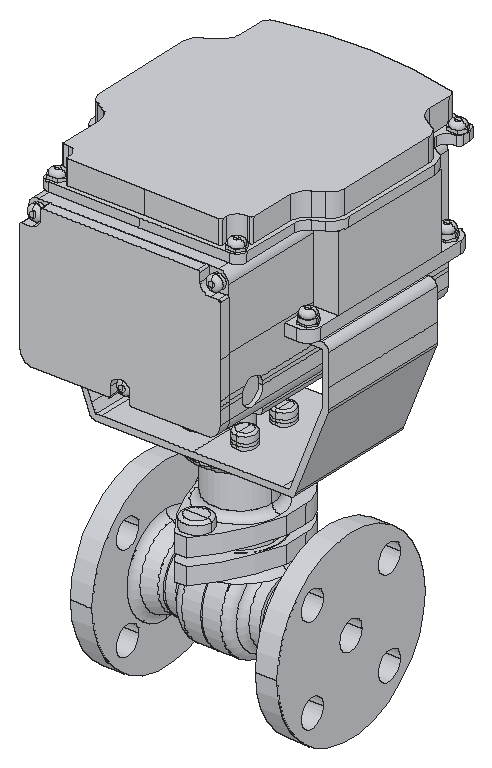
Revit family "電動二方弁_ver2019(ロゴなし)", category 電気設備, Revit 2019
Family settings
  丸型コネクタ寸法 = 直径を使用
  パーツ タイプ = 他のパネル
  OmniClass 番号 = 23.80.30.11.17
  OmniClass タイトル = Distribution Boards and Control Panels
  作業面ベース = いいえ
  常に垂直 = はい
  ロード時にボイドで切り取り = いいえ
  共有 = いいえ
  部屋計算ポイント = いいえ
Parameters
  配線φ(左側) [instance] = 14.031 mm
  配線φ(右側) [instance] = 14.031 mm
  配管φ [instance] = 95 mm
  配管2φ [instance] = 95 mm
  IfcObjectType = ""
  IfcName = ""
  IfcLongName = ""
  IfcExportType = ""
  IfcExportAs = ""
  IfcDescription = ""
Reference planes
  plane 1 "中心(正面/背面)": y = 0
  plane 2: z = 0
  plane 3 "中心(左/右)": x = 0
Forms (mm)
  Extrusion 1, solid
    sketch origin (0, 0, -77.064) x (0, 1, 0) y (0, 0, 1)
      loop
        circle (0, 124.5) r 47.5
    from 45.882 to 56.882
  Extrusion 2, void
    sketch origin (0, 0, -77) x (0, 1, 0) y (0, 0, 1)
      loop
        circle (-24.749, 149.249) r 7.5
    from 45.882 to 56.882
  Extrusion 3, void
    sketch origin (0, 49.497, -77) x (0, 1, 0) y (0, 0, 1)
      loop
        circle (-24.749, 149.249) r 7.5
    from 45.882 to 56.882
  Extrusion 4, void
    sketch origin (0, 0, -126.498) x (0, 1, 0) y (0, 0, 1)
      loop
        circle (-24.749, 149.249) r 7.5
    from 45.882 to 56.882
  Extrusion 5, void
    sketch origin (0, 49.497, -126.498) x (0, 1, 0) y (0, 0, 1)
      loop
        circle (-24.749, 149.249) r 7.5
    from 45.882 to 56.882
  Extrusion 6, void
    sketch origin (0, 24.749, -101.749) x (0, 1, 0) y (0, 0, 1)
      loop
        circle (-24.749, 149.249) r 7.5
    from 45.882 to 56.882
  Extrusion 7, solid
    sketch origin (-95, 0, -77.064) x (0, 1, 0) y (0, 0, 1)
      loop
        circle (0, 124.5) r 47.5
    from 45.882 to 56.882
  Extrusion 8, void
    sketch origin (-95, 0, -77) x (0, 1, 0) y (0, 0, 1)
      loop
        circle (-24.749, 149.249) r 7.5
    from 45.882 to 56.882
  Extrusion 9, solid
    sketch origin (0.118, 0, 0) x (1, 0, 0) y (0, 0, 1)
      loop
        line (-51.618, 196.3) -> (-51.618, 199.5) -> (-66.618, 199.5)
        arc (-66.618, 199.5) -> (-69.235, 198.416) -> (-70.318, 195.8) r 3.7
        line (-70.318, 195.8) -> (-70.318, 179.5) -> (-70.318, 169.594)
        arc (-70.318, 169.594) -> (-70.255, 168.913) -> (-70.068, 168.255) r 3.7
        line (-70.068, 168.255) -> (-53.226, 124.861)
        arc (-53.226, 124.861) -> (-51.866, 123.147) -> (-49.776, 122.5) r 3.7
        line (-49.776, 122.5) -> (49.539, 122.5)
        arc (49.539, 122.5) -> (51.629, 123.147) -> (52.989, 124.861) r 3.7
        line (52.989, 124.861) -> (69.831, 168.255)
        arc (69.831, 168.255) -> (70.018, 168.913) -> (70.082, 169.594) r 3.7
        line (70.082, 169.594) -> (70.082, 179.5) -> (70.082, 195.8)
        arc (70.082, 195.8) -> (68.998, 198.416) -> (66.382, 199.5) r 3.7
        line (66.382, 199.5) -> (51.182, 199.5) -> (51.182, 196.3) -> (66.382, 196.3)
        arc (66.382, 196.3) -> (66.735, 196.154) -> (66.882, 195.8) r 0.5
        line (66.882, 195.8) -> (66.882, 169.5) -> (64.355, 162.99) -> (49.882, 125.7) -> (46.449, 125.7) -> (-0.118, 125.7) -> (-46.686, 125.7) -> (-50.118, 125.7) -> (-51.928, 130.361) -> (-64.592, 162.99) -> (-67.118, 169.5) -> (-67.118, 195.8)
        arc (-67.118, 195.8) -> (-66.972, 196.154) -> (-66.618, 196.3) r 0.5
        line (-66.618, 196.3) -> (-51.618, 196.3)
    from -38.424 to 30.5
  Extrusion 10, solid
    sketch origin (0, -461.789, 0) x (1, 0, 0) y (0, 1, 0)
      loop
        arc (0, 545.194) -> (-22.618, 543.895) -> (-44.938, 540.014) r 197.5
        arc (-44.938, 540.014) -> (-47.717, 538.253) -> (-48.8, 535.145) r 5
        line (-48.8, 535.145) -> (-48.8, 522.279)
        arc (-48.8, 522.279) -> (-50.006, 517.779) -> (-53.3, 514.485) r 9
        line (-53.3, 514.485) -> (-58.8, 511.309)
        arc (-58.8, 511.309) -> (-61.728, 508.381) -> (-62.8, 504.381) r 8
        line (-62.8, 504.381) -> (-62.8, 450.408)
        arc (-62.8, 450.408) -> (-61.728, 446.408) -> (-58.8, 443.479) r 8
        line (-58.8, 443.479) -> (-53.3, 440.304)
        arc (-53.3, 440.304) -> (-50.006, 437.01) -> (-48.8, 432.51) r 9
        line (-48.8, 432.51) -> (-48.8, 409.394)
        arc (-48.8, 409.394) -> (-48.507, 408.687) -> (-47.8, 408.394) r 1
        line (-47.8, 408.394) -> (-46, 408.394)
        arc (-46, 408.394) -> (-41.757, 406.637) -> (-40, 402.394) r 6
        line (-40, 402.394) -> (-40, 400.594)
        arc (-40, 400.594) -> (-39.707, 399.887) -> (-39, 399.594) r 1
        line (-39, 399.594) -> (0, 399.594) -> (39, 399.594)
        arc (39, 399.594) -> (39.707, 399.887) -> (40, 400.594) r 1
        line (40, 400.594) -> (40, 402.394)
        arc (40, 402.394) -> (41.757, 406.637) -> (46, 408.394) r 6
        line (46, 408.394) -> (47.8, 408.394)
        arc (47.8, 408.394) -> (48.507, 408.687) -> (48.8, 409.394) r 1
        line (48.8, 409.394) -> (48.8, 432.51)
        arc (48.8, 432.51) -> (50.006, 437.01) -> (53.3, 440.304) r 9
        line (53.3, 440.304) -> (58.8, 443.479)
        arc (58.8, 443.479) -> (61.728, 446.408) -> (62.8, 450.408) r 8
        line (62.8, 450.408) -> (62.8, 504.381)
        arc (62.8, 504.381) -> (61.728, 508.381) -> (58.8, 511.309) r 8
        line (58.8, 511.309) -> (53.3, 514.485)
        arc (53.3, 514.485) -> (50.006, 517.779) -> (48.8, 522.279) r 9
        line (48.8, 522.279) -> (48.8, 535.145)
        arc (48.8, 535.145) -> (47.717, 538.253) -> (44.938, 540.014) r 5
        arc (44.938, 540.014) -> (22.618, 543.895) -> (0, 545.194) r 197.5
    from 248.5 to 260.5
  Extrusion 11, solid
    sketch origin (0, -461.789, 0) x (1, 0, 0) y (0, 1, 0)
      loop
        arc (0, 547.894) -> (-28.126, 545.907) -> (-55.692, 539.984) r 200
        arc (-55.692, 539.984) -> (-58.298, 538.185) -> (-59.3, 535.182) r 5
        line (-59.3, 535.182) -> (-59.3, 531.092)
        arc (-59.3, 531.092) -> (-58.732, 529.695) -> (-57.35, 529.092) r 2
        arc (-57.35, 529.092) -> (-53.205, 527.284) -> (-51.5, 523.094) r 6
        line (-51.5, 523.094) -> (-51.5, 522.106)
        arc (-51.5, 522.106) -> (-52.304, 519.106) -> (-54.5, 516.909) r 6
        line (-54.5, 516.909) -> (-60.5, 513.445)
        arc (-60.5, 513.445) -> (-64.16, 509.785) -> (-65.5, 504.785) r 10
        line (-65.5, 504.785) -> (-65.5, 450.003)
        arc (-65.5, 450.003) -> (-64.16, 445.003) -> (-60.5, 441.343) r 10
        line (-60.5, 441.343) -> (-55, 438.168)
        arc (-55, 438.168) -> (-52.438, 435.606) -> (-51.5, 432.106) r 7
        line (-51.5, 432.106) -> (-51.5, 401.894)
        arc (-51.5, 401.894) -> (-50.036, 398.359) -> (-46.5, 396.894) r 5
        line (-46.5, 396.894) -> (0, 396.894) -> (46.5, 396.894)
        arc (46.5, 396.894) -> (50.036, 398.359) -> (51.5, 401.894) r 5
        line (51.5, 401.894) -> (51.5, 432.106)
        arc (51.5, 432.106) -> (52.438, 435.606) -> (55, 438.168) r 7
        line (55, 438.168) -> (60.5, 441.343)
        arc (60.5, 441.343) -> (64.16, 445.003) -> (65.5, 450.003) r 10
        line (65.5, 450.003) -> (65.5, 504.785)
        arc (65.5, 504.785) -> (64.16, 509.785) -> (60.5, 513.445) r 10
        line (60.5, 513.445) -> (54.5, 516.909)
        arc (54.5, 516.909) -> (52.304, 519.106) -> (51.5, 522.106) r 6
        line (51.5, 522.106) -> (51.5, 523.094)
        arc (51.5, 523.094) -> (53.205, 527.284) -> (57.35, 529.092) r 6
        arc (57.35, 529.092) -> (58.732, 529.695) -> (59.3, 531.092) r 2
        line (59.3, 531.092) -> (59.3, 535.182)
        arc (59.3, 535.182) -> (58.298, 538.185) -> (55.692, 539.984) r 5
        arc (55.692, 539.984) -> (28.126, 545.907) -> (0, 547.894) r 200
    from 244 to 248.5
  Extrusion 12, solid
    sketch origin (0, -461.789, 0) x (1, 0, 0) y (0, 1, 0)
      loop
        circle (-58, 432.394) r 4.25
    from 206.5 to 208.5
  Extrusion 13, solid
    sketch origin (0, -461.789, 0) x (1, 0, 0) y (0, 1, 0)
      loop
        line (-60.454, 436.644) -> (-62.907, 432.394) -> (-60.454, 428.144) -> (-55.546, 428.144) -> (-53.093, 432.394) -> (-55.546, 436.644) -> (-58, 436.644) -> (-60.454, 436.644)
    from 205.5 to 206.5
  Revolve 14, solid, detail levels fine
    sketch origin (91.963, -59.403, 0) x (1, 0, 0) y (0, 0, 1)
      loop
        arc (-47.868, 252.7) -> (-49.481, 251.883) -> (-49.776, 250.1) r 2
        line (-49.776, 250.1) -> (-46.118, 250.1) -> (-46.118, 252.7) -> (-47.868, 252.7)
      axis (-46.118, 252.7) -> (-46.118, 250.1)
    angle from 0 to 360
  Revolve 15, solid
    sketch origin (-0.037, -59.403, 0) x (1, 0, 0) y (0, 0, 1)
      loop
        arc (-47.868, 252.7) -> (-49.481, 251.883) -> (-49.776, 250.1) r 2
        line (-49.776, 250.1) -> (-46.118, 250.1) -> (-46.118, 252.7) -> (-47.868, 252.7)
      axis (-46.118, 252.7) -> (-46.118, 250.1)
    angle from 0 to 360
  Extrusion 16, solid
    sketch origin (0.118, -20, 0) x (1, 0, 0) y (0, 0, 1)
      loop
        line (-46.13, 233.5) -> (-50.618, 233.5)
        arc (-50.618, 233.5) -> (-51.326, 233.207) -> (-51.618, 232.5) r 1
        line (-51.618, 232.5) -> (-51.618, 206.5) -> (-51.618, 187.2) -> (-51.618, 184.874) -> (-51.618, 182.778) -> (-51.618, 176)
        arc (-51.618, 176) -> (-49.568, 171.05) -> (-44.618, 169) r 7
        line (-44.618, 169) -> (-6.118, 169)
        arc (-6.118, 169) -> (-5.411, 169.293) -> (-5.118, 170) r 1
        line (-5.118, 170) -> (-5.118, 174.5)
        arc (-5.118, 174.5) -> (-3.654, 178.036) -> (-0.118, 179.5) r 5
        arc (-0.118, 179.5) -> (3.417, 178.036) -> (4.882, 174.5) r 5
        line (4.882, 174.5) -> (4.882, 170)
        arc (4.882, 170) -> (5.174, 169.293) -> (5.882, 169) r 1
        line (5.882, 169) -> (44.382, 169)
        arc (44.382, 169) -> (49.331, 171.05) -> (51.382, 176) r 7
        line (51.382, 176) -> (51.382, 182.778) -> (51.382, 184.874) -> (51.382, 187.2) -> (51.382, 206.5) -> (51.382, 232.5)
        arc (51.382, 232.5) -> (51.089, 233.207) -> (50.382, 233.5) r 1
        line (50.382, 233.5) -> (45.893, 233.5)
        arc (45.893, 233.5) -> (42.358, 234.965) -> (40.893, 238.5) r 5
        line (40.893, 238.5) -> (40.893, 243)
        arc (40.893, 243) -> (40.601, 243.707) -> (39.893, 244) r 1
        line (39.893, 244) -> (-40.13, 244)
        arc (-40.13, 244) -> (-40.838, 243.707) -> (-41.13, 243) r 1
        line (-41.13, 243) -> (-41.13, 238.5)
        arc (-41.13, 238.5) -> (-42.595, 234.965) -> (-46.13, 233.5) r 5
    from 51.5 to 57
  Extrusion 17, solid
    sketch origin (0, 0, 0) x (1, 0, 0) y (0, 0, 1)
      loop
        line (-13.607, 161) -> (-13.607, 139.5) -> (-0.118, 139.5) -> (13.607, 139.5) -> (13.607, 161) -> (-0.118, 161) -> (-13.607, 161)
    from -13.607 to 13.607
  Revolve 18, solid
    sketch origin (0, 0, 0) x (0, 1, 0) y (0, 0, 1)
      loop
        line (-6, 137.956) -> (-6.5, 137.09) -> (-6.5, 125.7) -> (0, 125.7) -> (0, 137.956) -> (-6, 137.956)
      axis (0, 137.956) -> (0, 125.7)
    angle from 0 to 360
  Revolve 19, solid
    sketch origin (-12.5, 0, 0) x (0, 1, 0) y (0, 0, 1)
      loop
        arc (-16.752, 132.9) -> (-17.541, 132.594) -> (-18.025, 131.9) r 1.452
        line (-18.025, 131.9) -> (-18.025, 128.9) -> (-12.5, 128.9) -> (-12.5, 132.9) -> (-16.752, 132.9)
      axis (-12.5, 132.9) -> (-12.5, 128.9)
    angle from 0 to 360
  Extrusion 20, solid, detail levels fine
    sketch origin (103.688, -491.798, 0) x (1, 0, 0) y (0, 1, 0)
      loop
        line (-60.731, 436.165) -> (-62.907, 432.394) -> (-60.775, 428.7) -> (-55.225, 428.7) -> (-53.093, 432.394) -> (-55.269, 436.165) -> (-58, 436.165) -> (-60.731, 436.165)
    from 248.5 to 250.1
  Extrusion 21, solid
    sketch origin (11.688, -491.798, 0) x (1, 0, 0) y (0, 1, 0)
      loop
        line (-60.731, 436.165) -> (-62.907, 432.394) -> (-60.775, 428.7) -> (-55.225, 428.7) -> (-53.093, 432.394) -> (-55.269, 436.165) -> (-58, 436.165) -> (-60.731, 436.165)
    from 248.5 to 250.1
  Extrusion 22, solid
    sketch origin (0, 0, 0) x (1, 0, 0) y (0, 0, 1)
      loop
        arc (51.382, 238.7) -> (49.829, 242.448) -> (46.082, 244) r 5.3
        line (46.082, 244) -> (-46.318, 244)
        arc (-46.318, 244) -> (-50.066, 242.448) -> (-51.618, 238.7) r 5.3
        line (-51.618, 238.7) -> (-51.618, 206.5) -> (-51.618, 187.2) -> (-51.618, 184.874) -> (-51.618, 182.778) -> (-51.618, 176)
        arc (-51.618, 176) -> (-49.568, 171.05) -> (-44.618, 169) r 7
        line (-44.618, 169) -> (-0.118, 169) -> (44.382, 169)
        arc (44.382, 169) -> (49.331, 171.05) -> (51.382, 176) r 7
        line (51.382, 176) -> (51.382, 182.778) -> (51.382, 184.874) -> (51.382, 187.2) -> (51.382, 206.5) -> (51.382, 238.7)
    from -69.008 to 71.5
  Extrusion 23, solid, detail levels medium+fine
    sketch origin (0, 0, 0) x (1, 0, 0) y (0, 0, 1)
      loop
        arc (-56.98, 162.726) -> (-58.567, 164.386) -> (-60.863, 164.437) r 3
        line (-60.863, 164.437) -> (-64.592, 162.99) -> (-51.928, 130.361) -> (-48.199, 131.809)
        arc (-48.199, 131.809) -> (-46.539, 133.395) -> (-46.487, 135.691) r 3
        line (-46.487, 135.691) -> (-56.98, 162.726)
    from -4.258 to 4.152
  Revolve 24, solid
    sketch origin (0, 0, 0) x (1, 0, 0) y (0, 0, 1)
      loop
        line (-27.754, 65.728) -> (-34.829, 68.303)
        arc (-34.829, 68.303) -> (-37.214, 70.133) -> (-38.118, 73.001) r 5
        line (-38.118, 73.001) -> (-38.118, 47.5) -> (-24.643, 47.5) -> (-24.643, 65.897)
        arc (-24.643, 65.897) -> (-26.18, 65.505) -> (-27.754, 65.728) r 4
      axis (-38.118, 47.5) -> (-24.643, 47.5)
    angle from 0 to 360
  Revolve 25, solid
    sketch origin (0, 0, 0) x (1, 0, 0) y (0, 0, 1)
      loop
        line (45.882, 47.5) -> (24.643, 47.5) -> (24.643, 30.5) -> (31.652, 30.5) -> (38.006, 30.5)
        arc (38.006, 30.5) -> (40.717, 30.126) -> (43.224, 29.03) r 10
        arc (43.224, 29.03) -> (45.166, 27.191) -> (45.882, 24.613) r 5
        line (45.882, 24.613) -> (45.882, 47.5)
      axis (24.643, 47.5) -> (45.882, 47.5)
    angle from 0 to 360
  Revolve 26, solid
    sketch origin (0, 0, 0) x (1, 0, 0) y (0, 0, 1)
      loop
        line (-24.643, 47.5) -> (-24.643, 29.5) -> (-18.893, 29.5)
        arc (-18.893, 29.5) -> (-16.399, 28.627) -> (-14.994, 26.389) r 4
        arc (-14.994, 26.389) -> (-13.237, 23.591) -> (-10.118, 22.5) r 5
        line (-10.118, 22.5) -> (0, 22.5) -> (0, 47.5) -> (-24.643, 47.5)
      axis (0, 47.5) -> (-24.643, 47.5)
    angle from 0 to 360
  Revolve 27, solid
    sketch origin (0, 0, 0) x (-1, 0, 0) y (0, 0, 1)
      loop
        line (-24.643, 47.5) -> (-24.643, 29.5) -> (-18.893, 29.5)
        arc (-18.893, 29.5) -> (-16.399, 28.627) -> (-14.994, 26.389) r 4
        arc (-14.994, 26.389) -> (-13.237, 23.591) -> (-10.118, 22.5) r 5
        line (-10.118, 22.5) -> (0, 22.5) -> (0, 47.5) -> (-24.643, 47.5)
      axis (0, 47.5) -> (-24.643, 47.5)
    angle from 0 to 360
  Revolve 28, solid
    sketch origin (-12.5, 0, 0) x (0, 1, 0) y (0, 0, 1)
      loop
        line (-18.025, 128.9) -> (-18.025, 127.3) -> (-18.025, 125.7) -> (-12.5, 125.7) -> (-12.5, 128.9) -> (-18.025, 128.9)
      axis (-12.5, 128.9) -> (-12.5, 125.7)
    angle from 0 to 360
  Revolve 29, solid
    sketch origin (-12.5, 25, 0) x (0, 1, 0) y (0, 0, 1)
      loop
        arc (-16.752, 132.9) -> (-17.541, 132.594) -> (-18.025, 131.9) r 1.452
        line (-18.025, 131.9) -> (-18.025, 128.9) -> (-12.5, 128.9) -> (-12.5, 132.9) -> (-16.752, 132.9)
      axis (-12.5, 132.9) -> (-12.5, 128.9)
    angle from 0 to 360
  Revolve 30, solid
    sketch origin (-12.5, 25, 0) x (0, 1, 0) y (0, 0, 1)
      loop
        line (-18.025, 128.9) -> (-18.025, 127.3) -> (-18.025, 125.7) -> (-12.5, 125.7) -> (-12.5, 128.9) -> (-18.025, 128.9)
      axis (-12.5, 128.9) -> (-12.5, 125.7)
    angle from 0 to 360
  Revolve 31, solid
    sketch origin (12.5, 0, 0) x (0, 1, 0) y (0, 0, 1)
      loop
        arc (-16.752, 132.9) -> (-17.541, 132.594) -> (-18.025, 131.9) r 1.452
        line (-18.025, 131.9) -> (-18.025, 128.9) -> (-12.5, 128.9) -> (-12.5, 132.9) -> (-16.752, 132.9)
      axis (-12.5, 132.9) -> (-12.5, 128.9)
    angle from 0 to 360
  Revolve 32, solid
    sketch origin (12.5, 0, 0) x (0, 1, 0) y (0, 0, 1)
      loop
        line (-18.025, 128.9) -> (-18.025, 127.3) -> (-18.025, 125.7) -> (-12.5, 125.7) -> (-12.5, 128.9) -> (-18.025, 128.9)
      axis (-12.5, 128.9) -> (-12.5, 125.7)
    angle from 0 to 360
  Revolve 33, solid
    sketch origin (12.5, 25, 0) x (0, 1, 0) y (0, 0, 1)
      loop
        arc (-16.752, 132.9) -> (-17.541, 132.594) -> (-18.025, 131.9) r 1.452
        line (-18.025, 131.9) -> (-18.025, 128.9) -> (-12.5, 128.9) -> (-12.5, 132.9) -> (-16.752, 132.9)
      axis (-12.5, 132.9) -> (-12.5, 128.9)
    angle from 0 to 360
  Revolve 34, solid
    sketch origin (12.5, 25, 0) x (0, 1, 0) y (0, 0, 1)
      loop
        line (-18.025, 128.9) -> (-18.025, 127.3) -> (-18.025, 125.7) -> (-12.5, 125.7) -> (-12.5, 128.9) -> (-18.025, 128.9)
      axis (-12.5, 128.9) -> (-12.5, 125.7)
    angle from 0 to 360
  Revolve 35, solid
    sketch origin (0, 0, 0) x (1, 0, 0) y (0, 0, 1)
      loop
        line (-4.75, 139.5) -> (-4.75, 137.956) -> (0, 137.956) -> (0, 139.5) -> (-4.75, 139.5)
      axis (0, 139.5) -> (0, 137.956)
    angle from 0 to 360
  Revolve 36, solid
    sketch origin (0, 0, 0) x (1, 0, 0) y (0, 0, 1)
      loop
        line (0, 77) -> (-20, 77) -> (-20, 73.103)
        arc (-20, 73.103) -> (-21.527, 68.402) -> (-25.524, 65.495) r 8
        line (-25.524, 65.495) -> (-18.847, 65.495)
        arc (-18.847, 65.495) -> (-16.351, 66.373) -> (-14.953, 68.62) r 3.988
        arc (-14.953, 68.62) -> (-13.31, 71.404) -> (-10.268, 72.5) r 4.769
        line (-10.268, 72.5) -> (0, 72.5) -> (0, 77)
      axis (0, 77) -> (0, 65.495)
    angle from 0 to 360
  Extrusion 37, solid
    sketch origin (0, 0, 0) x (1, 0, 0) y (0, 0, 1)
      loop
        line (-47, 169.152) -> (-47, 167.5)
        arc (-47, 167.5) -> (-46.121, 165.379) -> (-44, 164.5) r 3
        line (-44, 164.5) -> (44, 164.5)
        arc (44, 164.5) -> (46.121, 165.379) -> (47, 167.5) r 3
        line (47, 167.5) -> (47, 169.462)
        arc (47, 169.462) -> (45.784, 169.119) -> (44.525, 169) r 7
        line (44.525, 169) -> (-42.442, 169)
        arc (-42.442, 169) -> (-44.734, 168.695) -> (-47, 169.152) r 7
    from -44 to 44
  Revolve 38, solid
    sketch origin (0, -28, 0) x (1, 0, 0) y (0, 0, 1)
      loop
        line (0, 95.717) -> (-5.688, 95.717)
        arc (-5.688, 95.717) -> (-6.779, 95.427) -> (-7.583, 94.633) r 2.201
        line (-7.583, 94.633) -> (-7.583, 90.3) -> (0, 90.3) -> (0, 95.717)
      axis (0, 95.717) -> (0, 90.3)
    angle from 0 to 360
  Revolve 39, solid
    sketch origin (0, 0, 0) x (1, 0, 0) y (0, 0, 1)
      loop
        arc (-18.5, 115.3) -> (-17.086, 114.714) -> (-16.5, 113.3) r 2
        line (-16.5, 113.3) -> (-16.5, 94.3)
        arc (-16.5, 94.3) -> (-17.672, 91.472) -> (-20.5, 90.3) r 4
        line (-20.5, 90.3) -> (0, 90.3) -> (0, 115.3) -> (-18.5, 115.3)
      axis (0, 90.3) -> (0, 115.3)
    angle from 0 to 360
  Revolve 40, solid, detail levels fine
    sketch origin (0, 0, 0) x (1, 0, 0) y (0, 0, 1)
      loop
        line (-4, 81.3) -> (-4, 77) -> (0, 77) -> (0, 81.3) -> (-4, 81.3)
      axis (0, 77) -> (0, 81.3)
    angle from 0 to 360
  Extrusion 41, solid
    sketch origin (0, -461.789, 210) x (1, 0, 0) y (0, 1, 0)
      loop
        line (65, 432.394) -> (65, 522.394)
        arc (65, 522.394) -> (63.715, 526.436) -> (60.333, 528.994) r 7
        arc (60.333, 528.994) -> (59.578, 529.473) -> (59.107, 530.234) r 2
        arc (59.107, 530.234) -> (58.39, 529.415) -> (57.35, 529.092) r 2
        arc (57.35, 529.092) -> (53.205, 527.284) -> (51.5, 523.094) r 6
        line (51.5, 523.094) -> (51.5, 425.394) -> (58, 425.394)
        arc (58, 425.394) -> (62.95, 427.445) -> (65, 432.394) r 7
    from -10.5 to -4.5
  Extrusion 42, solid
    sketch origin (0, -461.789, 210) x (-1, 0, 0) y (0, -1, 0)
      loop
        arc (65, -432.394) -> (62.95, -427.445) -> (58, -425.394) r 7
        line (58, -425.394) -> (51.5, -425.394) -> (51.5, -523.094)
        arc (51.5, -523.094) -> (53.205, -527.284) -> (57.35, -529.092) r 6
        arc (57.35, -529.092) -> (58.39, -529.415) -> (59.107, -530.234) r 2
        arc (59.107, -530.234) -> (59.578, -529.473) -> (60.333, -528.994) r 2
        arc (60.333, -528.994) -> (63.715, -526.436) -> (65, -522.394) r 7
        line (65, -522.394) -> (65, -432.394)
    from -10.5 to -4.5
  Extrusion 43, solid, detail levels medium+fine
    sketch origin (0, 0, 0) x (-1, 0, 0) y (0, 0, -1)
      loop
        line (-56.98, -162.726) -> (-46.487, -135.691)
        arc (-46.487, -135.691) -> (-46.539, -133.395) -> (-48.199, -131.809) r 3
        line (-48.199, -131.809) -> (-51.928, -130.361) -> (-64.592, -162.99) -> (-60.863, -164.437)
        arc (-60.863, -164.437) -> (-58.567, -164.386) -> (-56.98, -162.726) r 3
    from -4.258 to 4.152
  Extrusion 44, solid
    sketch origin (0, 0, 0) x (1, 0, 0) y (0, 0, 1)
      loop
        line (-28.5, 161) -> (28.5, 161) -> (28.5, 161.788) -> (-28.5, 161.788) -> (-28.5, 161)
    from -28.5 to 28.511
  Revolve 45, solid
    sketch origin (0, -30, 0) x (1, 0, 0) y (0, 0, 1)
      loop
        line (-60.5, 199.5) -> (-60.5, 197.236) -> (-58.25, 197.236) -> (-58.25, 199.5) -> (-60.5, 199.5)
      axis (-58.25, 199.5) -> (-58.25, 197.236)
    angle from 0 to 360
  Revolve 46, solid
    sketch origin (0, 60, 0) x (1, 0, 0) y (0, 0, 1)
      loop
        line (-60.5, 199.5) -> (-60.5, 197.236) -> (-58.25, 197.236) -> (-58.25, 199.5) -> (-60.5, 199.5)
      axis (-58.25, 199.5) -> (-58.25, 197.236)
    angle from 0 to 360
  Revolve 47, solid
    sketch origin (116.875, -30, 0) x (1, 0, 0) y (0, 0, 1)
      loop
        line (-60.5, 199.5) -> (-60.5, 197.236) -> (-58.25, 197.236) -> (-58.25, 199.5) -> (-60.5, 199.5)
      axis (-58.25, 199.5) -> (-58.25, 197.236)
    angle from 0 to 360
  Revolve 48, solid
    sketch origin (116.875, 60, 0) x (1, 0, 0) y (0, 0, 1)
      loop
        line (-60.5, 199.5) -> (-60.5, 197.236) -> (-58.25, 197.236) -> (-58.25, 199.5) -> (-60.5, 199.5)
      axis (-58.25, 199.5) -> (-58.25, 197.236)
    angle from 0 to 360
  Extrusion 49, solid
    sketch origin (-364.746, -162.773, 80.3) x (1, 0, 0) y (0, 1, 0)
      loop
        arc (341.746, 163.987) -> (349.545, 143.272) -> (361.7, 124.773) r 100.225
        line (361.7, 124.773) -> (367.792, 124.773)
        arc (367.792, 124.773) -> (379.948, 143.272) -> (387.746, 163.987) r 100.225
        line (387.746, 163.987) -> (387.746, 176.305)
        arc (387.746, 176.305) -> (383.257, 189.309) -> (371.7, 196.773) r 21.077
        line (371.7, 196.773) -> (357.792, 196.773)
        arc (357.792, 196.773) -> (346.236, 189.309) -> (341.746, 176.305) r 21.077
        line (341.746, 176.305) -> (341.746, 163.987)
    from 1 to 10
  Revolve 50, solid
    sketch origin (0, 0, 0) x (1, 0, 0) y (0, 0, 1)
      loop
        line (-25, 122.5) -> (-25, 117.3)
        arc (-25, 117.3) -> (-24.414, 115.886) -> (-23, 115.3) r 2
        line (-23, 115.3) -> (0, 115.3) -> (0, 122.5) -> (-25, 122.5)
      axis (0, 115.3) -> (0, 122.5)
    angle from 0 to 360
  Extrusion 51, solid
    sketch origin (-364.746, -162.773, 67) x (1, 0, 0) y (0, 1, 0)
      loop
        arc (341.746, 163.987) -> (349.545, 143.272) -> (361.7, 124.773) r 100.225
        line (361.7, 124.773) -> (367.792, 124.773)
        arc (367.792, 124.773) -> (379.948, 143.272) -> (387.746, 163.987) r 100.225
        line (387.746, 163.987) -> (387.746, 176.305)
        arc (387.746, 176.305) -> (383.257, 189.309) -> (371.7, 196.773) r 21.077
        line (371.7, 196.773) -> (357.792, 196.773)
        arc (357.792, 196.773) -> (346.236, 189.309) -> (341.746, 176.305) r 21.077
        line (341.746, 176.305) -> (341.746, 163.987)
    from 1 to 10
  Revolve 52, solid, detail levels medium+fine
    sketch origin (-13.227, 0, 0) x (1, 0, 0) y (0, 0, 1)
      loop
        line (-4.273, 81.3) -> (-4.273, 77) -> (13.227, 77) -> (13.227, 81.3) -> (-4.273, 81.3)
      axis (13.227, 77) -> (13.227, 81.3)
    angle from 0 to 360
  Extrusion 53, void
    sketch origin (-95, 49.497, -77) x (0, 1, 0) y (0, 0, 1)
      loop
        circle (-24.749, 149.249) r 7.5
    from 45.882 to 56.882
  Extrusion 54, void
    sketch origin (-95, 49.497, -126.498) x (0, 1, 0) y (0, 0, 1)
      loop
        circle (-24.749, 149.249) r 7.5
    from 45.882 to 56.882
  Extrusion 55, void
    sketch origin (0, 0, -126.498) x (0, 1, 0) y (0, 0, 1)
      loop
        circle (-24.749, 149.249) r 7.5
    from 45.882 to 56.882
  Extrusion 56, void
    sketch origin (-95, 0, -126.498) x (0, 1, 0) y (0, 0, 1)
      loop
        circle (-24.749, 149.249) r 7.5
    from 45.882 to 56.882
  Extrusion 57, void
    sketch origin (-95, 24.749, -101.749) x (0, 1, 0) y (0, 0, 1)
      loop
        circle (-24.749, 149.249) r 7.5
    from 45.882 to 56.882
  Revolve 58, solid
    sketch origin (-46.056, 5.5, 0) x (0, 1, 0) y (0, 0, 1)
      loop
        arc (-78.6, 242.158) -> (-80.383, 241.863) -> (-81.2, 240.25) r 2
        line (-81.2, 240.25) -> (-81.2, 238.5) -> (-78.6, 238.5) -> (-78.6, 242.158)
      axis (-78.6, 238.5) -> (-81.2, 238.5)
    angle from 0 to 360
  Revolve 59, solid
    sketch origin (-46.014, 5.5, 0) x (0, 1, 0) y (0, 0, 1)
      loop
        line (-78.6, 242.25) -> (-78.6, 238.5) -> (-77, 238.5) -> (-77, 242.25) -> (-78.6, 242.25)
      axis (-78.6, 238.5) -> (-77, 238.5)
    angle from 0 to 360
  Revolve 60, solid
    sketch origin (45.944, 5.5, 0) x (0, 1, 0) y (0, 0, 1)
      loop
        arc (-78.6, 242.158) -> (-80.383, 241.863) -> (-81.2, 240.25) r 2
        line (-81.2, 240.25) -> (-81.2, 238.5) -> (-78.6, 238.5) -> (-78.6, 242.158)
      axis (-78.6, 238.5) -> (-81.2, 238.5)
    angle from 0 to 360
  Revolve 61, solid
    sketch origin (45.986, 5.5, 0) x (0, 1, 0) y (0, 0, 1)
      loop
        line (-78.6, 242.25) -> (-78.6, 238.5) -> (-77, 238.5) -> (-77, 242.25) -> (-78.6, 242.25)
      axis (-78.6, 238.5) -> (-77, 238.5)
    angle from 0 to 360
  Revolve 62, solid
    sketch origin (-0.056, 5.5, -64) x (0, 1, 0) y (0, 0, 1)
      loop
        arc (-78.6, 242.158) -> (-80.383, 241.863) -> (-81.2, 240.25) r 2
        line (-81.2, 240.25) -> (-81.2, 238.5) -> (-78.6, 238.5) -> (-78.6, 242.158)
      axis (-78.6, 238.5) -> (-81.2, 238.5)
    angle from 0 to 360
  Revolve 63, solid
    sketch origin (-0.014, 5.5, -64) x (0, 1, 0) y (0, 0, 1)
      loop
        line (-78.6, 242.25) -> (-78.6, 238.5) -> (-77, 238.5) -> (-77, 242.25) -> (-78.6, 242.25)
      axis (-78.6, 238.5) -> (-77, 238.5)
    angle from 0 to 360
  Extrusion 64, solid
    sketch origin (0, 0, 0) x (1, 0, 0) y (0, 0, 1)
      loop
        line (-65, 244) -> (-65, 205.5) -> (-51.618, 205.5) -> (-51.618, 238.7)
        arc (-51.618, 238.7) -> (-50.066, 242.448) -> (-46.318, 244) r 5.3
        line (-46.318, 244) -> (-65, 244)
    from -47.676 to 17.676
  Extrusion 65, solid
    sketch origin (0, 0, 0) x (-1, 0, 0) y (0, 0, -1)
      loop
        line (-65, -244) -> (-46.318, -244)
        arc (-46.318, -244) -> (-50.066, -242.448) -> (-51.618, -238.7) r 5.3
        line (-51.618, -238.7) -> (-51.618, -205.5) -> (-65, -205.5) -> (-65, -244)
    from -47.676 to 17.676
  Revolve 66, solid
    sketch origin (-11.91, -29.395, -41.6) x (1, 0, 0) y (0, 0, 1)
      loop
        arc (-47.868, 253.422) -> (-49.691, 252.245) -> (-49.37, 250.1) r 2
        line (-49.37, 250.1) -> (-46.118, 250.1) -> (-46.118, 253.422) -> (-47.868, 253.422)
      axis (-46.118, 253.422) -> (-46.118, 250.1)
    angle from 0 to 360
  Extrusion 67, solid
    sketch origin (0, -372.414, 0) x (1, 0, 0) y (0, 1, 0)
      loop
        circle (-58, 432.394) r 4.25
    from 206.5 to 208.5
  Extrusion 68, solid
    sketch origin (0, -372.414, 0) x (1, 0, 0) y (0, 1, 0)
      loop
        line (-60.454, 436.644) -> (-62.907, 432.394) -> (-60.454, 428.144) -> (-55.546, 428.144) -> (-53.093, 432.394) -> (-55.546, 436.644) -> (-58, 436.644) -> (-60.454, 436.644)
    from 205.5 to 206.5
  Revolve 69, solid
    sketch origin (-11.91, 59.98, -41.6) x (1, 0, 0) y (0, 0, 1)
      loop
        arc (-47.868, 253.422) -> (-49.691, 252.245) -> (-49.37, 250.1) r 2
        line (-49.37, 250.1) -> (-46.118, 250.1) -> (-46.118, 253.422) -> (-47.868, 253.422)
      axis (-46.118, 253.422) -> (-46.118, 250.1)
    angle from 0 to 360
  Extrusion 70, solid
    sketch origin (116.5, -461.789, 0) x (1, 0, 0) y (0, 1, 0)
      loop
        circle (-58, 432.394) r 4.25
    from 206.5 to 208.5
  Extrusion 71, solid
    sketch origin (116.5, -461.789, 0) x (1, 0, 0) y (0, 1, 0)
      loop
        line (-60.454, 436.644) -> (-62.907, 432.394) -> (-60.454, 428.144) -> (-55.546, 428.144) -> (-53.093, 432.394) -> (-55.546, 436.644) -> (-58, 436.644) -> (-60.454, 436.644)
    from 205.5 to 206.5
  Revolve 72, solid
    sketch origin (104.59, -29.395, -41.6) x (1, 0, 0) y (0, 0, 1)
      loop
        arc (-47.868, 253.422) -> (-49.691, 252.245) -> (-49.37, 250.1) r 2
        line (-49.37, 250.1) -> (-46.118, 250.1) -> (-46.118, 253.422) -> (-47.868, 253.422)
      axis (-46.118, 253.422) -> (-46.118, 250.1)
    angle from 0 to 360
  Extrusion 73, solid
    sketch origin (116.5, -372.414, 0) x (1, 0, 0) y (0, 1, 0)
      loop
        circle (-58, 432.394) r 4.25
    from 206.5 to 208.5
  Extrusion 74, solid
    sketch origin (116.5, -372.414, 0) x (1, 0, 0) y (0, 1, 0)
      loop
        line (-60.454, 436.644) -> (-62.907, 432.394) -> (-60.454, 428.144) -> (-55.546, 428.144) -> (-53.093, 432.394) -> (-55.546, 436.644) -> (-58, 436.644) -> (-60.454, 436.644)
    from 205.5 to 206.5
  Revolve 75, solid
    sketch origin (104.59, 59.98, -41.6) x (1, 0, 0) y (0, 0, 1)
      loop
        arc (-47.868, 253.422) -> (-49.691, 252.245) -> (-49.37, 250.1) r 2
        line (-49.37, 250.1) -> (-46.118, 250.1) -> (-46.118, 253.422) -> (-47.868, 253.422)
      axis (-46.118, 253.422) -> (-46.118, 250.1)
    angle from 0 to 360
  Revolve 76, solid
    sketch origin (100.713, 71.847, 0) x (1, 0, 0) y (0, 0, 1)
      loop
        arc (-47.868, 252.7) -> (-49.481, 251.883) -> (-49.776, 250.1) r 2
        line (-49.776, 250.1) -> (-46.118, 250.1) -> (-46.118, 252.7) -> (-47.868, 252.7)
      axis (-46.118, 252.7) -> (-46.118, 250.1)
    angle from 0 to 360
  Revolve 77, solid
    sketch origin (-7.537, 71.847, 0) x (1, 0, 0) y (0, 0, 1)
      loop
        arc (-47.868, 252.7) -> (-49.481, 251.883) -> (-49.776, 250.1) r 2
        line (-49.776, 250.1) -> (-46.118, 250.1) -> (-46.118, 252.7) -> (-47.868, 252.7)
      axis (-46.118, 252.7) -> (-46.118, 250.1)
    angle from 0 to 360
  Extrusion 78, solid
    sketch origin (112.438, -360.548, 0) x (1, 0, 0) y (0, 1, 0)
      loop
        line (-60.731, 436.165) -> (-62.907, 432.394) -> (-60.775, 428.7) -> (-55.225, 428.7) -> (-53.093, 432.394) -> (-55.269, 436.165) -> (-58, 436.165) -> (-60.731, 436.165)
    from 248.5 to 250.1
  Extrusion 79, solid
    sketch origin (4.188, -360.548, 0) x (1, 0, 0) y (0, 1, 0)
      loop
        line (-60.731, 436.165) -> (-62.907, 432.394) -> (-60.775, 428.7) -> (-55.225, 428.7) -> (-53.093, 432.394) -> (-55.269, 436.165) -> (-58, 436.165) -> (-60.731, 436.165)
    from 248.5 to 250.1
  Extrusion 80, void
    sketch origin (0, 0, 0.741) x (0, 1, 0) y (0, 0, 1)
      loop
        circle (-56.39, 182.041) r 7.015
    from -51.618 to -48.8
  Extrusion 81, void
    sketch origin (0, 0, 0.741) x (0, 1, 0) y (0, 0, -1)
      loop
        circle (-56.39, -182.041) r 7.015
    from -51.618 to -48.8
Cuts and joins
  Extrusion 2, Extrusion 3, Extrusion 4, Extrusion 5, Extrusion 6, Extrusion 8, Extrusion 55 cuts Extrusion 1
  Extrusion 8, Extrusion 53, Extrusion 54, Extrusion 56, Extrusion 57 cuts Extrusion 7
  Extrusion 80, Extrusion 81 cuts Extrusion 22
Text (mm)
  text "100" at (1274.735, 860.036, 0), in view "参照レベル"
  text "0" at (1249.231, 860.036, 0), in view "参照レベル"
  text "82" at (1044.561, 945.199, 0), in view "参照レベル"
  text "85" at (1127.811, 945.199, 0), in view "参照レベル"
Dimensions and locks
  "配管φ": diameter of Extrusion 1 sketch curve
  "配管2φ": diameter of Extrusion 7 sketch curve
  "配線φ(左側)": diameter of Extrusion 80 sketch curve
  "配線φ(右側)": diameter of Extrusion 81 sketch curve
  aligned and locked: level to plane 2
  aligned and locked: Extrusion 1 to Extrusion 2  (x2)
  aligned and locked: Extrusion 7 to Extrusion 8  (x2)
  aligned and locked: Extrusion 11 to Extrusion 10
Automatic sketch dimensions
  plane 1 "中心(正面/背面)" to Extrusion 2 sketch curve = 24.749 mm
  level to Extrusion 2 sketch curve = 72.249 mm
  Extrusion 3 sketch curve to plane 1 "中心(正面/背面)" = 24.749 mm
  level to Extrusion 3 sketch curve = 72.249 mm
  plane 1 "中心(正面/背面)" to Extrusion 4 sketch curve = 24.749 mm
  level to Extrusion 4 sketch curve = 22.751 mm
  Extrusion 5 sketch curve to plane 1 "中心(正面/背面)" = 24.749 mm
  level to Extrusion 5 sketch curve = 22.751 mm
  Extrusion 6 sketch curve to plane 1 "中心(正面/背面)" = 0 mm
  level to Extrusion 6 sketch curve = 47.5 mm
  plane 1 "中心(正面/背面)" to Extrusion 8 sketch curve = 24.749 mm
  level to Extrusion 8 sketch curve = 72.249 mm
  Extrusion 9 sketch curve to Extrusion 9 sketch curve = 0 mm  (x4)
  Extrusion 9 sketch curve to plane 3 "中心(左/右)" = 0 mm
  Extrusion 9 sketch curve to plane 3 "中心(左/右)" = 46.567 mm
  Extrusion 9 sketch curve to Extrusion 9 sketch curve = 3.09 mm  (x2)
  Extrusion 9 sketch curve to Extrusion 9 sketch curve = 0.342 mm  (x2)
  Extrusion 9 sketch curve to plane 3 "中心(左/右)" = 51.5 mm
  Extrusion 9 sketch curve to Extrusion 9 sketch curve = 2.151 mm
  Extrusion 9 sketch curve to Extrusion 9 sketch curve = 3.107 mm  (x2)
  Extrusion 9 sketch curve to Extrusion 9 sketch curve = 12.664 mm
  Extrusion 9 sketch curve to Extrusion 9 sketch curve = 15 mm
  Extrusion 9 sketch curve to Extrusion 9 sketch curve = 2.027 mm  (x2)
  Extrusion 9 sketch curve to Extrusion 9 sketch curve = 0.5 mm  (x3)
  Extrusion 9 sketch curve to Extrusion 9 sketch curve = 2.949 mm  (x2)
  Extrusion 9 sketch curve to Extrusion 9 sketch curve = 0.251 mm  (x2)
  plane 3 "中心(左/右)" to Extrusion 9 sketch curve = 46.567 mm
  plane 3 "中心(左/右)" to Extrusion 9 sketch curve = 51.3 mm
  Extrusion 9 sketch curve to Extrusion 9 sketch curve = 13.173 mm
  Extrusion 9 sketch curve to Extrusion 9 sketch curve = 15.2 mm
  level to Extrusion 9 sketch curve = 122.5 mm
  Extrusion 9 sketch curve to Extrusion 9 sketch curve = 2.361 mm  (x2)
  Extrusion 9 sketch curve to Extrusion 9 sketch curve = 4.161 mm
  Extrusion 9 sketch curve to Extrusion 9 sketch curve = 32.629 mm
  Extrusion 9 sketch curve to Extrusion 9 sketch curve = 36.79 mm
  Extrusion 9 sketch curve to Extrusion 9 sketch curve = 5.265 mm  (x2)
  Extrusion 9 sketch curve to Extrusion 9 sketch curve = 0.094 mm  (x2)
  Extrusion 9 sketch curve to Extrusion 9 sketch curve = 9.906 mm  (x2)
  Extrusion 9 sketch curve to Extrusion 9 sketch curve = 16.3 mm  (x2)
  Extrusion 10 sketch curve to Extrusion 10 sketch curve = 0 mm  (x3)
  Extrusion 10 sketch curve to plane 3 "中心(左/右)" = 0 mm  (x2)
  Extrusion 10 sketch curve to plane 3 "中心(左/右)" = 39 mm
  Extrusion 10 sketch curve to Extrusion 10 sketch curve = 1 mm  (x4)
  Extrusion 10 sketch curve to plane 3 "中心(左/右)" = 43.8 mm
  Extrusion 10 sketch curve to Extrusion 10 sketch curve = 6 mm  (x2)
  Extrusion 10 sketch curve to Extrusion 10 sketch curve = 1.8 mm  (x3)
  Extrusion 10 sketch curve to Extrusion 10 sketch curve = 5 mm  (x2)
  plane 1 "中心(正面/背面)" to Extrusion 10 sketch curve = 21.485 mm  (x2)
  Extrusion 10 sketch curve to Extrusion 10 sketch curve = 4.5 mm  (x4)
  Extrusion 10 sketch curve to Extrusion 10 sketch curve = 1.5 mm  (x4)
  Extrusion 10 sketch curve to Extrusion 10 sketch curve = 9 mm  (x4)
  plane 1 "中心(正面/背面)" to Extrusion 10 sketch curve = 18.31 mm  (x2)
  Extrusion 10 sketch curve to Extrusion 10 sketch curve = 5.5 mm  (x4)
  Extrusion 10 sketch curve to Extrusion 10 sketch curve = 4 mm
  plane 3 "中心(左/右)" to Extrusion 10 sketch curve = 39 mm
  plane 3 "中心(左/右)" to Extrusion 10 sketch curve = 43.8 mm
  Extrusion 10 sketch curve to Extrusion 10 sketch curve = 8 mm
  Extrusion 10 sketch curve to Extrusion 10 sketch curve = 23.115 mm  (x2)
  Extrusion 10 sketch curve to Extrusion 10 sketch curve = 51.9 mm
  Extrusion 10 sketch curve to plane 1 "中心(正面/背面)" = 42.592 mm  (x2)
  Extrusion 10 sketch curve to Extrusion 10 sketch curve = 3.175 mm  (x2)
  Extrusion 10 sketch curve to Extrusion 10 sketch curve = 12.866 mm  (x2)
  Extrusion 11 sketch curve to Extrusion 11 sketch curve = 0 mm  (x5)
  Extrusion 11 sketch curve to plane 3 "中心(左/右)" = 0 mm  (x2)
  Extrusion 11 sketch curve to Extrusion 11 sketch curve = 46.5 mm
  Extrusion 11 sketch curve to Extrusion 11 sketch curve = 5 mm  (x4)
  Extrusion 11 sketch curve to plane 3 "中心(左/右)" = 51.5 mm
  Extrusion 11 sketch curve to Extrusion 11 sketch curve = 2.8 mm  (x2)
  Extrusion 11 sketch curve to Extrusion 11 sketch curve = 3 mm  (x4)
  plane 1 "中心(正面/背面)" to Extrusion 11 sketch curve = 23.621 mm  (x2)
  Extrusion 11 sketch curve to Extrusion 11 sketch curve = 3.5 mm  (x4)
  Extrusion 11 sketch curve to Extrusion 11 sketch curve = 0.5 mm  (x2)
  Extrusion 11 sketch curve to Extrusion 11 sketch curve = 1 mm  (x2)
  Extrusion 11 sketch curve to Extrusion 11 sketch curve = 6 mm  (x4)
  Extrusion 11 sketch curve to Extrusion 11 sketch curve = 2 mm  (x2)
  plane 1 "中心(正面/背面)" to Extrusion 11 sketch curve = 20.446 mm  (x2)
  Extrusion 11 sketch curve to Extrusion 11 sketch curve = 5.5 mm  (x2)
  plane 3 "中心(左/右)" to Extrusion 11 sketch curve = 46.5 mm
  plane 3 "中心(左/右)" to Extrusion 11 sketch curve = 51.5 mm
  Extrusion 11 sketch curve to Extrusion 11 sketch curve = 30.211 mm
  Extrusion 11 sketch curve to Extrusion 11 sketch curve = 49 mm
  Extrusion 11 sketch curve to plane 1 "中心(正面/背面)" = 42.996 mm  (x2)
  Extrusion 11 sketch curve to Extrusion 11 sketch curve = 3.464 mm  (x2)
  Extrusion 11 sketch curve to Extrusion 11 sketch curve = 0.989 mm  (x2)
  Extrusion 11 sketch curve to Extrusion 11 sketch curve = 7.997 mm  (x2)
  Extrusion 11 sketch curve to Extrusion 11 sketch curve = 4.09 mm  (x2)
  Extrusion 12 sketch curve to plane 3 "中心(左/右)" = 58 mm
  plane 1 "中心(正面/背面)" to Extrusion 12 sketch curve = 29.395 mm
  plane 1 "中心(正面/背面)" to Extrusion 13 sketch curve = 29.395 mm
  Extrusion 13 sketch curve to plane 3 "中心(左/右)" = 62.907 mm
  plane 1 "中心(正面/背面)" to Extrusion 13 sketch curve = 25.145 mm
  Extrusion 13 sketch curve to Extrusion 13 sketch curve = 2.454 mm  (x5)
  Extrusion 13 sketch curve to Extrusion 13 sketch curve = 4.907 mm
  Extrusion 13 sketch curve to Extrusion 13 sketch curve = 4.25 mm  (x2)
  plane 3 "中心(左/右)" to Revolve 14 sketch curve = 42.186 mm
  Revolve 14 sketch curve to Revolve 14 sketch curve = 1.908 mm
  Revolve 14 sketch curve to Revolve 14 sketch curve = 1.75 mm
  level to Revolve 14 sketch curve = 250.1 mm
  Revolve 14 sketch curve to Revolve 14 sketch curve = 0.6 mm
  Revolve 14 sketch curve to Revolve 14 sketch curve = 0 mm  (x3)
  Revolve 15 sketch curve to plane 3 "中心(左/右)" = 49.814 mm
  Revolve 15 sketch curve to Revolve 15 sketch curve = 1.908 mm
  Revolve 15 sketch curve to Revolve 15 sketch curve = 1.75 mm
  level to Revolve 15 sketch curve = 250.1 mm
  Revolve 15 sketch curve to Revolve 15 sketch curve = 0.6 mm
  Revolve 15 sketch curve to Revolve 15 sketch curve = 0 mm  (x3)
  Extrusion 16 sketch curve to Extrusion 16 sketch curve = 0 mm  (x2)
  Extrusion 16 sketch curve to plane 3 "中心(左/右)" = 0 mm
  Extrusion 16 sketch curve to plane 3 "中心(左/右)" = 5 mm
  Extrusion 16 sketch curve to Extrusion 16 sketch curve = 1 mm  (x6)
  Extrusion 16 sketch curve to plane 3 "中心(左/右)" = 40.012 mm
  Extrusion 16 sketch curve to Extrusion 16 sketch curve = 38.5 mm  (x2)
  Extrusion 16 sketch curve to Extrusion 16 sketch curve = 5 mm  (x2)
  Extrusion 16 sketch curve to Extrusion 16 sketch curve = 4.488 mm  (x2)
  Extrusion 16 sketch curve to Extrusion 16 sketch curve = 7 mm
  plane 3 "中心(左/右)" to Extrusion 16 sketch curve = 40.012 mm
  level to Extrusion 16 sketch curve = 169 mm
  Extrusion 16 sketch curve to Extrusion 16 sketch curve = 4.5 mm  (x2)
  Extrusion 16 sketch curve to Extrusion 16 sketch curve = 6.778 mm  (x2)
  Extrusion 16 sketch curve to Extrusion 16 sketch curve = 2.096 mm  (x2)
  Extrusion 16 sketch curve to Extrusion 16 sketch curve = 2.326 mm  (x2)
  Extrusion 16 sketch curve to Extrusion 16 sketch curve = 19.3 mm  (x2)
  Extrusion 16 sketch curve to Extrusion 16 sketch curve = 26 mm  (x2)
  Extrusion 17 sketch curve to plane 3 "中心(左/右)" = 13.607 mm
  Extrusion 17 sketch curve to plane 3 "中心(左/右)" = 0.118 mm  (x2)
  plane 3 "中心(左/右)" to Extrusion 17 sketch curve = 13.607 mm
  level to Extrusion 17 sketch curve = 139.5 mm
  Extrusion 17 sketch curve to Extrusion 17 sketch curve = 21.5 mm
  Revolve 18 sketch curve to plane 1 "中心(正面/背面)" = 0 mm  (x2)
  Revolve 18 sketch curve to Revolve 18 sketch curve = 6 mm
  Revolve 18 sketch curve to Revolve 18 sketch curve = 6.5 mm
  level to Revolve 18 sketch curve = 125.7 mm
  Revolve 18 sketch curve to Revolve 18 sketch curve = 11.39 mm
  Revolve 18 sketch curve to Revolve 18 sketch curve = 0.866 mm
  Revolve 18 sketch curve to Revolve 18 sketch curve = 0 mm  (x2)
  plane 1 "中心(正面/背面)" to Revolve 19 sketch curve = 18.025 mm
  Revolve 19 sketch curve to Revolve 19 sketch curve = 1.273 mm
  Revolve 19 sketch curve to Revolve 19 sketch curve = 0.108 mm
  Revolve 19 sketch curve to Revolve 19 sketch curve = 4.144 mm
  level to Revolve 19 sketch curve = 128.9 mm
  Revolve 19 sketch curve to Revolve 19 sketch curve = 2.552 mm
  Revolve 19 sketch curve to Revolve 19 sketch curve = 0.448 mm
  Revolve 19 sketch curve to Revolve 19 sketch curve = 0 mm  (x3)
  plane 3 "中心(左/右)" to Extrusion 20 sketch curve = 40.781 mm
  Extrusion 20 sketch curve to Extrusion 20 sketch curve = 2.133 mm  (x2)
  Extrusion 20 sketch curve to Extrusion 20 sketch curve = 2.177 mm
  Extrusion 20 sketch curve to Extrusion 20 sketch curve = 2.731 mm  (x2)
  Extrusion 20 sketch curve to Extrusion 20 sketch curve = 5.55 mm
  plane 1 "中心(正面/背面)" to Extrusion 20 sketch curve = 63.097 mm
  Extrusion 20 sketch curve to Extrusion 20 sketch curve = 3.694 mm  (x2)
  Extrusion 20 sketch curve to Extrusion 20 sketch curve = 3.771 mm
  Extrusion 21 sketch curve to plane 3 "中心(左/右)" = 51.219 mm
  Extrusion 21 sketch curve to Extrusion 21 sketch curve = 2.133 mm  (x2)
  Extrusion 21 sketch curve to Extrusion 21 sketch curve = 2.177 mm
  Extrusion 21 sketch curve to Extrusion 21 sketch curve = 2.731 mm  (x2)
  Extrusion 21 sketch curve to Extrusion 21 sketch curve = 5.55 mm
  plane 1 "中心(正面/背面)" to Extrusion 21 sketch curve = 63.097 mm
  Extrusion 21 sketch curve to Extrusion 21 sketch curve = 3.694 mm  (x2)
  Extrusion 21 sketch curve to Extrusion 21 sketch curve = 3.771 mm
  Extrusion 22 sketch curve to plane 3 "中心(左/右)" = 51.618 mm
  Extrusion 22 sketch curve to Extrusion 22 sketch curve = 5.3 mm
  Extrusion 22 sketch curve to Extrusion 22 sketch curve = 7 mm  (x2)
  Extrusion 22 sketch curve to plane 3 "中心(左/右)" = 0.118 mm
  plane 3 "中心(左/右)" to Extrusion 22 sketch curve = 44.382 mm
  plane 3 "中心(左/右)" to Extrusion 22 sketch curve = 46.082 mm
  level to Extrusion 22 sketch curve = 169 mm
  Extrusion 22 sketch curve to Extrusion 22 sketch curve = 6.778 mm  (x2)
  Extrusion 22 sketch curve to Extrusion 22 sketch curve = 2.096 mm  (x2)
  Extrusion 22 sketch curve to Extrusion 22 sketch curve = 2.326 mm  (x2)
  Extrusion 22 sketch curve to Extrusion 22 sketch curve = 19.3 mm  (x2)
  Extrusion 22 sketch curve to Extrusion 22 sketch curve = 32.2 mm
  Extrusion 23 sketch curve to plane 3 "中心(左/右)" = 64.592 mm
  Extrusion 23 sketch curve to Extrusion 23 sketch curve = 3.729 mm
  Extrusion 23 sketch curve to Extrusion 23 sketch curve = 1.085 mm  (x2)
  Extrusion 23 sketch curve to Extrusion 23 sketch curve = 2.797 mm  (x4)
  Extrusion 23 sketch curve to Extrusion 23 sketch curve = 7.85 mm
  Extrusion 23 sketch curve to Extrusion 23 sketch curve = 2.643 mm
  level to Extrusion 23 sketch curve = 130.361 mm
  Extrusion 23 sketch curve to Extrusion 23 sketch curve = 1.447 mm
  Revolve 24 sketch curve to plane 3 "中心(左/右)" = 38.118 mm
  Revolve 24 sketch curve to Revolve 24 sketch curve = 3.29 mm
  Revolve 24 sketch curve to Revolve 24 sketch curve = 5 mm
  Revolve 24 sketch curve to Revolve 24 sketch curve = 6.738 mm
  Revolve 24 sketch curve to Revolve 24 sketch curve = 13.476 mm
  level to Revolve 24 sketch curve = 47.5 mm
  Revolve 24 sketch curve to Revolve 24 sketch curve = 18.397 mm
  Revolve 24 sketch curve to Revolve 24 sketch curve = 2.405 mm
  Revolve 24 sketch curve to Revolve 24 sketch curve = 3.603 mm
  Revolve 24 sketch curve to Revolve 24 sketch curve = 0 mm  (x3)
  Revolve 24 sketch curve to Revolve 24 sketch curve = 3.111 mm
  Revolve 24 sketch curve to Revolve 24 sketch curve = 0.005 mm
  Revolve 24 sketch curve to Revolve 24 sketch curve = 0.014 mm
  plane 3 "中心(左/右)" to Revolve 25 sketch curve = 24.643 mm
  Revolve 25 sketch curve to Revolve 25 sketch curve = 7.009 mm
  Revolve 25 sketch curve to Revolve 25 sketch curve = 6.354 mm
  Revolve 25 sketch curve to Revolve 25 sketch curve = 2.876 mm
  Revolve 25 sketch curve to Revolve 25 sketch curve = 5 mm
  level to Revolve 25 sketch curve = 20.5 mm
  Revolve 25 sketch curve to Revolve 25 sketch curve = 4.113 mm
  Revolve 25 sketch curve to Revolve 25 sketch curve = 5.887 mm
  Revolve 25 sketch curve to Revolve 25 sketch curve = 18.47 mm
  Revolve 25 sketch curve to Revolve 25 sketch curve = 5.817 mm
  Revolve 25 sketch curve to Revolve 25 sketch curve = 0 mm  (x2)
  Revolve 26 sketch curve to plane 3 "中心(左/右)" = 0 mm  (x2)
  Revolve 26 sketch curve to plane 3 "中心(左/右)" = 10.118 mm
  Revolve 26 sketch curve to Revolve 26 sketch curve = 8.775 mm
  Revolve 26 sketch curve to Revolve 26 sketch curve = 5.749 mm
  level to Revolve 26 sketch curve = 22.5 mm
  Revolve 26 sketch curve to Revolve 26 sketch curve = 3 mm
  Revolve 26 sketch curve to Revolve 26 sketch curve = 5 mm
  Revolve 26 sketch curve to Revolve 26 sketch curve = 4 mm
  Revolve 26 sketch curve to Revolve 26 sketch curve = 18 mm
  Revolve 26 sketch curve to Revolve 26 sketch curve = 3.9 mm
  Revolve 26 sketch curve to Revolve 26 sketch curve = 0 mm  (x3)
  Revolve 27 sketch curve to plane 3 "中心(左/右)" = 0 mm  (x2)
  Revolve 27 sketch curve to plane 3 "中心(左/右)" = 10.118 mm
  Revolve 27 sketch curve to Revolve 27 sketch curve = 8.775 mm
  Revolve 27 sketch curve to Revolve 27 sketch curve = 5.749 mm
  Revolve 27 sketch curve to level = 22.5 mm
  Revolve 27 sketch curve to Revolve 27 sketch curve = 3 mm
  Revolve 27 sketch curve to Revolve 27 sketch curve = 5 mm
  Revolve 27 sketch curve to Revolve 27 sketch curve = 4 mm
  Revolve 27 sketch curve to Revolve 27 sketch curve = 18 mm
  Revolve 27 sketch curve to Revolve 27 sketch curve = 3.9 mm
  Revolve 27 sketch curve to Revolve 27 sketch curve = 0 mm  (x3)
  plane 1 "中心(正面/背面)" to Revolve 28 sketch curve = 18.025 mm
  Revolve 28 sketch curve to Revolve 28 sketch curve = 5.525 mm
  level to Revolve 28 sketch curve = 125.7 mm
  Revolve 28 sketch curve to Revolve 28 sketch curve = 1.6 mm
  Revolve 28 sketch curve to Revolve 28 sketch curve = 3.2 mm
  Revolve 28 sketch curve to Revolve 28 sketch curve = 0 mm  (x3)
  Revolve 29 sketch curve to plane 1 "中心(正面/背面)" = 6.975 mm
  Revolve 29 sketch curve to Revolve 29 sketch curve = 1.273 mm
  Revolve 29 sketch curve to Revolve 29 sketch curve = 0.108 mm
  Revolve 29 sketch curve to Revolve 29 sketch curve = 4.144 mm
  level to Revolve 29 sketch curve = 128.9 mm
  Revolve 29 sketch curve to Revolve 29 sketch curve = 2.552 mm
  Revolve 29 sketch curve to Revolve 29 sketch curve = 0.448 mm
  Revolve 29 sketch curve to Revolve 29 sketch curve = 0 mm  (x3)
  Revolve 30 sketch curve to plane 1 "中心(正面/背面)" = 6.975 mm
  Revolve 30 sketch curve to Revolve 30 sketch curve = 5.525 mm
  level to Revolve 30 sketch curve = 125.7 mm
  Revolve 30 sketch curve to Revolve 30 sketch curve = 1.6 mm
  Revolve 30 sketch curve to Revolve 30 sketch curve = 3.2 mm
  Revolve 30 sketch curve to Revolve 30 sketch curve = 0 mm  (x3)
  plane 1 "中心(正面/背面)" to Revolve 31 sketch curve = 18.025 mm
  Revolve 31 sketch curve to Revolve 31 sketch curve = 1.273 mm
  Revolve 31 sketch curve to Revolve 31 sketch curve = 0.108 mm
  Revolve 31 sketch curve to Revolve 31 sketch curve = 4.144 mm
  level to Revolve 31 sketch curve = 128.9 mm
  Revolve 31 sketch curve to Revolve 31 sketch curve = 2.552 mm
  Revolve 31 sketch curve to Revolve 31 sketch curve = 0.448 mm
  Revolve 31 sketch curve to Revolve 31 sketch curve = 0 mm  (x3)
  plane 1 "中心(正面/背面)" to Revolve 32 sketch curve = 18.025 mm
  Revolve 32 sketch curve to Revolve 32 sketch curve = 5.525 mm
  level to Revolve 32 sketch curve = 125.7 mm
  Revolve 32 sketch curve to Revolve 32 sketch curve = 1.6 mm
  Revolve 32 sketch curve to Revolve 32 sketch curve = 3.2 mm
  Revolve 32 sketch curve to Revolve 32 sketch curve = 0 mm  (x3)
  Revolve 33 sketch curve to plane 1 "中心(正面/背面)" = 6.975 mm
  Revolve 33 sketch curve to Revolve 33 sketch curve = 1.273 mm
  Revolve 33 sketch curve to Revolve 33 sketch curve = 0.108 mm
  Revolve 33 sketch curve to Revolve 33 sketch curve = 4.144 mm
  level to Revolve 33 sketch curve = 128.9 mm
  Revolve 33 sketch curve to Revolve 33 sketch curve = 2.552 mm
  Revolve 33 sketch curve to Revolve 33 sketch curve = 0.448 mm
  Revolve 33 sketch curve to Revolve 33 sketch curve = 0 mm  (x3)
  Revolve 34 sketch curve to plane 1 "中心(正面/背面)" = 6.975 mm
  Revolve 34 sketch curve to Revolve 34 sketch curve = 5.525 mm
  level to Revolve 34 sketch curve = 125.7 mm
  Revolve 34 sketch curve to Revolve 34 sketch curve = 1.6 mm
  Revolve 34 sketch curve to Revolve 34 sketch curve = 3.2 mm
  Revolve 34 sketch curve to Revolve 34 sketch curve = 0 mm  (x3)
  Revolve 35 sketch curve to plane 3 "中心(左/右)" = 0 mm  (x2)
  Revolve 35 sketch curve to plane 3 "中心(左/右)" = 4.75 mm
  level to Revolve 35 sketch curve = 137.956 mm
  Revolve 35 sketch curve to Revolve 35 sketch curve = 1.544 mm
  Revolve 35 sketch curve to Revolve 35 sketch curve = 0 mm  (x2)
  Revolve 36 sketch curve to plane 3 "中心(左/右)" = 0 mm  (x2)
  Revolve 36 sketch curve to Revolve 36 sketch curve = 10.268 mm
  Revolve 36 sketch curve to Revolve 36 sketch curve = 8.578 mm
  Revolve 36 sketch curve to Revolve 36 sketch curve = 1.153 mm
  Revolve 36 sketch curve to Revolve 36 sketch curve = 6.678 mm
  Revolve 36 sketch curve to Revolve 36 sketch curve = 2.476 mm
  level to Revolve 36 sketch curve = 65.495 mm
  Revolve 36 sketch curve to Revolve 36 sketch curve = 2.236 mm
  Revolve 36 sketch curve to Revolve 36 sketch curve = 3.62 mm
  Revolve 36 sketch curve to Revolve 36 sketch curve = 4.769 mm
  Revolve 36 sketch curve to Revolve 36 sketch curve = 3.897 mm
  Revolve 36 sketch curve to Revolve 36 sketch curve = 0 mm  (x2)
  Extrusion 37 sketch curve to plane 3 "中心(左/右)" = 47 mm
  Extrusion 37 sketch curve to Extrusion 37 sketch curve = 2.5 mm
  Extrusion 37 sketch curve to Extrusion 37 sketch curve = 3 mm
  Extrusion 37 sketch curve to Extrusion 37 sketch curve = 1.558 mm
  plane 3 "中心(左/右)" to Extrusion 37 sketch curve = 44 mm
  Extrusion 37 sketch curve to Extrusion 37 sketch curve = 0.5 mm
  Extrusion 37 sketch curve to Extrusion 37 sketch curve = 0.525 mm
  Extrusion 37 sketch curve to Extrusion 37 sketch curve = 2.475 mm
  level to Extrusion 37 sketch curve = 164.5 mm
  Extrusion 37 sketch curve to Extrusion 37 sketch curve = 1.5 mm
  Extrusion 37 sketch curve to Extrusion 37 sketch curve = 1.652 mm
  Extrusion 37 sketch curve to Extrusion 37 sketch curve = 1.962 mm
  Revolve 38 sketch curve to plane 3 "中心(左/右)" = 0 mm  (x2)
  Revolve 38 sketch curve to plane 3 "中心(左/右)" = 5.688 mm
  Revolve 38 sketch curve to Revolve 38 sketch curve = 1.896 mm
  level to Revolve 38 sketch curve = 90.3 mm
  Revolve 38 sketch curve to Revolve 38 sketch curve = 3.216 mm
  Revolve 38 sketch curve to Revolve 38 sketch curve = 1.117 mm
  Revolve 38 sketch curve to Revolve 38 sketch curve = 0 mm  (x2)
  Revolve 39 sketch curve to plane 3 "中心(左/右)" = 0 mm  (x2)
  Revolve 39 sketch curve to plane 3 "中心(左/右)" = 16.5 mm
  Revolve 39 sketch curve to Revolve 39 sketch curve = 2 mm  (x2)
  Revolve 39 sketch curve to Revolve 39 sketch curve = 4 mm  (x2)
  level to Revolve 39 sketch curve = 90.3 mm
  Revolve 39 sketch curve to Revolve 39 sketch curve = 19 mm
  Revolve 39 sketch curve to Revolve 39 sketch curve = 0 mm  (x4)
  Revolve 40 sketch curve to plane 3 "中心(左/右)" = 0 mm  (x2)
  Revolve 40 sketch curve to plane 3 "中心(左/右)" = 4 mm
  level to Revolve 40 sketch curve = 77 mm
  Revolve 40 sketch curve to Revolve 40 sketch curve = 4.3 mm
  Revolve 40 sketch curve to Revolve 40 sketch curve = 1.5 mm
  Revolve 40 sketch curve to Revolve 40 sketch curve = 0 mm
  plane 3 "中心(左/右)" to Extrusion 41 sketch curve = 51.5 mm
  Extrusion 41 sketch curve to Extrusion 41 sketch curve = 5.8 mm
  Extrusion 41 sketch curve to Extrusion 41 sketch curve = 6 mm
  Extrusion 41 sketch curve to Extrusion 41 sketch curve = 6.5 mm
  Extrusion 41 sketch curve to Extrusion 41 sketch curve = 0.5 mm
